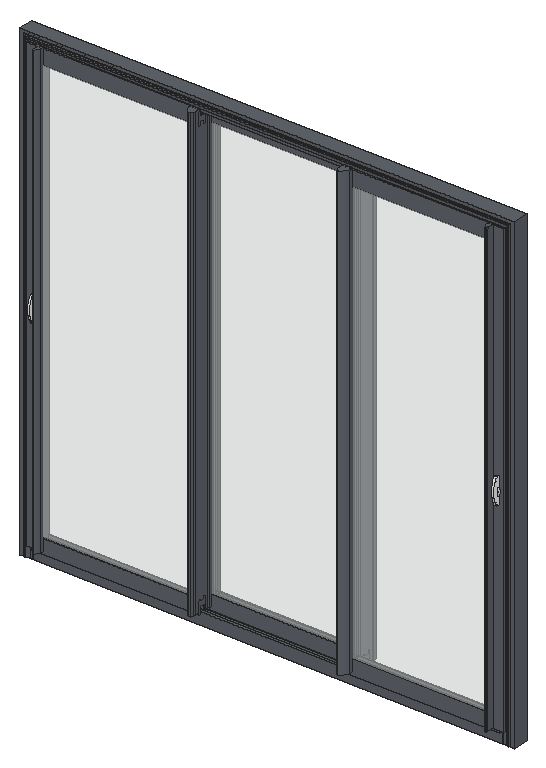
Revit family "Wicslide_65_Glass24_3_leaf_2_track_independent", category Doors, host Wall, Revit 2014 (continued)
Definition of nested family "Leaf_Wicslide_65_2_leaf_2_track_both_sliding_or_1_fixed_1slide"
  Definition of nested family "wicona_handle_2d"
    Lines and regions (mm)
      model lines, style "PIECES", in view "Ref. Level", detail levels fine
        curve 9: line (-5.814, -25, 0) -> (-6.068, -10.451, 0)
        curve 10: line (-6.068, -10.451, 0) -> (-6.221, -10.26, 0)
        curve 11: line (5.815, -24.927, 0) -> (6.068, -10.451, 0)
        curve 12: line (6.068, -10.451, 0) -> (6.221, -10.26, 0)
        curve 13: line (11.211, -7.242, 0) -> (10.341, -7.762, 0)
        curve 14: line (10.341, -7.762, 0) -> (9.463, -8.24, 0)
        curve 15: line (9.463, -8.24, 0) -> (8.565, -8.68, 0)
        curve 16: line (8.565, -8.68, 0) -> (7.649, -9.083, 0)
        curve 17: line (7.505, -9.142, 0) -> (7.006, -9.364, 0)
        curve 18: line (-13.393, -7.367, 0) -> (-13.886, -6.543, 0)
        curve 19: line (-13.886, -6.543, 0) -> (-14, 0, 0)
        curve 20: line (-14, 0, 0) -> (11.805, 0, 0)
        curve 21: line (11.805, 0, 0) -> (11.786, -1, 0)
        curve 22: line (11.786, -1, 0) -> (11.766, -2, 0)
        curve 23: line (11.766, -2, 0) -> (11.747, -2.999, 0)
        curve 24: line (11.747, -2.999, 0) -> (11.727, -3.999, 0)
        curve 25: line (11.727, -3.999, 0) -> (11.708, -4.999, 0)
        curve 26: line (11.708, -4.999, 0) -> (11.688, -5.999, 0)
        curve 27: line (11.688, -5.999, 0) -> (11.68, -6.413, 0)
        curve 28: line (12.793, -0.754, 0) -> (13.413, -1.137, 0)
        curve 29: line (13.413, -1.137, 0) -> (14.151, -1.812, 0)
        curve 30: line (14.151, -1.812, 0) -> (14.853, -2.523, 0)
        curve 31: line (14.853, -2.523, 0) -> (15.519, -3.269, 0)
        curve 32: line (15.519, -3.269, 0) -> (16.149, -4.046, 0)
        curve 33: line (16.149, -4.046, 0) -> (16.743, -4.851, 0)
        curve 34: line (16.743, -4.851, 0) -> (17.301, -5.68, 0)
        curve 35: line (17.301, -5.68, 0) -> (17.61, -6.174, 0)
        curve 36: line (12.052, -0.6, 0) -> (12.765, -0.743, 0)
        curve 37: line (17.643, -6.231, 0) -> (18.091, -7.125, 0)
        curve 38: line (18.091, -7.125, 0) -> (18.508, -8.034, 0)
        curve 39: line (18.508, -8.034, 0) -> (18.897, -8.955, 0)
        curve 40: line (18.897, -8.955, 0) -> (19.257, -9.888, 0)
        curve 41: line (19.257, -9.888, 0) -> (19.59, -10.831, 0)
        curve 42: line (19.59, -10.831, 0) -> (19.895, -11.783, 0)
        curve 43: line (19.895, -11.783, 0) -> (20.172, -12.744, 0)
        curve 44: line (20.172, -12.744, 0) -> (20.422, -13.712, 0)
        curve 45: line (20.422, -13.712, 0) -> (20.645, -14.687, 0)
        curve 46: line (20.645, -14.687, 0) -> (20.841, -15.667, 0)
        curve 47: line (20.841, -15.667, 0) -> (21.011, -16.653, 0)
        curve 48: line (21.011, -16.653, 0) -> (21.043, -16.863, 0)
        curve 49: line (21.043, -16.863, 0) -> (20.974, -17.852, 0)
        curve 50: line (20.974, -17.852, 0) -> (20.702, -18.43, 0)
        curve 51: line (20.702, -18.43, 0) -> (20.014, -19.149, 0)
        curve 52: line (20.014, -19.149, 0) -> (19.107, -19.554, 0)
        curve 53: line (19.107, -19.554, 0) -> (18.664, -19.6, 0)
        curve 54: line (18.664, -19.6, 0) -> (16.934, -19.6, 0)
        curve 55: line (16.934, -19.6, 0) -> (15.934, -19.6, 0)
        curve 56: line (15.934, -19.6, 0) -> (14.934, -19.6, 0)
        curve 57: line (14.934, -19.6, 0) -> (13.934, -19.6, 0)
        curve 58: line (13.934, -19.6, 0) -> (13.413, -19.6, 0)
        curve 59: line (13.413, -19.6, 0) -> (12.446, -19.377, 0)
        curve 60: line (12.446, -19.377, 0) -> (11.651, -18.781, 0)
        curve 61: line (11.651, -18.781, 0) -> (11.243, -18.216, 0)
        curve 62: line (11.243, -18.216, 0) -> (10.768, -17.336, 0)
        curve 63: line (10.768, -17.336, 0) -> (10.324, -16.441, 0)
        curve 64: line (10.324, -16.441, 0) -> (9.909, -15.531, 0)
        curve 65: line (9.909, -15.531, 0) -> (9.525, -14.608, 0)
        curve 66: line (9.525, -14.608, 0) -> (9.171, -13.672, 0)
        curve 67: line (9.162, -13.647, 0) -> (8.966, -12.67, 0)
        curve 68: line (8.963, -12.62, 0) -> (8.951, -12.312, 0)
        curve 69: arc (-5.814, -25, 0) -> (-5.429, -25.928, 0) -> (-4.501, -26.312, 0) r 1.312
        curve 70: arc (4.591, -26.312, 0) -> (5.454, -25.955, 0) -> (5.812, -25.091, 0) r 1.221
Definition of nested family "Leaf_Wicslide_65_Wicslide_65_3_leaf_2_track_independent_2_meet"
  Parameters (values of type "Leaf_Wicslide_65_Wicslide_65_3_leaf_2_track_independent_2_meet")
    Sash meeting 3041242 = yes
    Sash meeting 3041240 = no
    Sash meeting 3041241 = no
    Sash 1041263 = no
    Sash 1041260 = no
    Sash 1041261 = yes
    Sash 1041262 = no
    Handle Distance = if(Sash 1041260, 18 mm, if(Sash 1041261, 41 mm, if(Sash 1041262, 38 mm, 18 mm)))  # 41 mm
    Leaf Width = 896 mm
    Leaf Material = Aluminium
    Leaf Height = 1922 mm
    Handle Material = Aluminium
    Handle Height = 850 mm  # constant formula
    Glass Width = 24 mm
    Glass Offset 2 = 7 mm  # constant formula
    Glass Offset = 46.1 mm  # constant formula
    Glass Material = WICONA -  Glass
    Glas Offset Bottom = 46.6 mm
    Frame Material = Aluminium
    Frame Bottom = 4 mm
  Reference planes
    plane 1 "Center (Front/Back)": y = 0
    plane 2: z = 0
    plane 3 "Center (Left/Right)": x = 0
    plane 4: x = 896
    plane 5: z = 1922
    plane 6: x = 7
    plane 7: x = 889
    plane 8: z = 1875.4
    plane 9: z = 46.6
    plane 10: z = 896.6
    plane 11: x = 58.1
    plane 12: y = -12.117
    plane 13: y = 11.883
    plane 14: y = 7.334
    plane 15: y = 31.334
    plane 16: x = -3.312
    plane 17: x = 899.312
    plane 18: z = 46.6
    plane 19: y = -41
    plane 20: x = 20
    plane 21: z = 960.237
    plane 22: z = 1923.516
    plane 23: x = -1.516
    plane 24: y = -21.816
    plane 25: z = -5.306
    plane 26: z = 25
    plane 27: z = 4
  Forms (mm)
    Extrusion 1, solid, material "WICONA -  Glass" <- "Glass Material", detail levels medium+fine
      sketch origin (-214.248, -550.766, -473.088) x (1, 0, 0) y (0, 0, 1)
        loop
          line (221.248, 2348.488) -> (221.248, 519.688) -> (1103.248, 519.688) -> (1103.248, 2348.488) -> (221.248, 2348.488)
      from -562.649 to -538.649
    Sweep 2, solid, material "Aluminium" <- "Leaf Material"
      path origin (0, 0, 0) x (1, 0, 0) y (0, 0, 1)
        loop
          line (7.023, 0) -> (914.975, 0)
      profile origin (460.999, 0, 0) x (0, 0, 1) y (0, -1, 0)
        loop
          line (-5.306, -16.029) -> (58.694, -16.029) -> (58.694, -11.883) -> (46.634, -11.883) -> (46.634, 12.117) -> (58.694, 12.117) -> (58.694, 16.171) -> (-5.306, 16.171) -> (-5.306, 12.671) -> (25, 12.671) -> (25, -12.517) -> (-5.306, -12.517) -> (-5.306, -16.029)
    Sweep 3, solid, material "Aluminium" <- "Leaf Material", visible <- "Sash meeting 3041240"
      path origin (0, 0, 0) x (1, 0, 0) y (0, 0, 1)
        loop
          line (896, 1932.5) -> (896, 4)
      profile origin (896, 0, 968.25) x (0, -1, 0) y (1, 0, 0)
        loop
          line (-18, -19.026) -> (-11.883, -19.026) -> (-11.883, -7.023) -> (12.117, -7.023) -> (12.117, -19.026) -> (18, -19.026) -> (18, 18.975) -> (-27.453, 18.975) -> (-27.453, 0) -> (-18, 0) -> (-18, -19.026)
    Sweep 4, solid, material "Aluminium" <- "Leaf Material", visible <- "Sash meeting 3041242"
      path origin (0, 0, 0) x (1, 0, 0) y (0, 0, 1)
        loop
          line (0, 4) -> (0, 1932.5)
      profile origin (0, 0, 968.25) x (-1, 0, 0) y (0, -1, 0)
        loop
          line (18.975, -27.453) -> (18.975, 37.547) -> (17.979, 45.657) -> (14.994, 56.798) -> (13.135, 57.8) -> (7.45, 57.8)
          arc (7.45, 57.8) -> (-9.037, 45.04) -> (-19.026, 26.74) r 50.906
          line (-19.026, 26.74) -> (-19.026, 12.117) -> (-7.023, 12.117) -> (-7.023, -11.883) -> (-19.026, -11.883) -> (-19.026, -18) -> (0, -18) -> (0, -27.453) -> (18.975, -27.453)
    Sweep 5, solid, material "Aluminium" <- "Leaf Material", visible <- "Sash meeting 3041241"
      path origin (0, 0, 0) x (1, 0, 0) y (0, 0, 1)
        loop
          line (0, 4) -> (0, 1932.5)
      profile origin (0, 0, 968.25) x (-1, 0, 0) y (0, -1, 0)
        loop
          line (18.975, -27.453) -> (18.975, 52.8) -> (-19.026, 52.8) -> (-19.026, 12.117) -> (-7.023, 12.117) -> (-7.023, -11.883) -> (-19.026, -11.883) -> (-19.026, -18) -> (0, -18) -> (0, -27.453) -> (18.975, -27.453)
    Sweep 6, solid, material "Aluminium" <- "Leaf Material", visible <- "Sash meeting 3041240"
      path origin (0, 0, 0) x (1, 0, 0) y (0, 0, 1)
        loop
          line (0, 4) -> (0, 1932.5)
      profile origin (0, 0, 968.25) x (-1, 0, 0) y (0, -1, 0)
        loop
          line (18.975, -27.453) -> (18.975, 18) -> (-19.026, 18) -> (-19.026, 12.117) -> (-7.023, 12.117) -> (-7.023, -11.883) -> (-19.026, -11.883) -> (-19.026, -18) -> (0, -18) -> (0, -27.453) -> (18.975, -27.453)
    Sweep 7, solid, material "Aluminium" <- "Leaf Material", visible <- "Sash meeting 3041242"
      path origin (0, 0, 0) x (1, 0, 0) y (0, 0, 1)
        loop
          line (896, 4) -> (896, 1932.5)
      profile origin (896, 0, 968.25) x (-1, 0, 0) y (0, -1, 0)
        loop
          line (19.026, -18) -> (19.026, -11.883) -> (7, -11.883) -> (7, 12.117) -> (19.026, 12.117) -> (19.026, 26.74)
          arc (19.026, 26.74) -> (9.037, 45.04) -> (-7.45, 57.8) r 50.906
          line (-7.45, 57.8) -> (-13.135, 57.8) -> (-14.994, 56.798) -> (-17.979, 45.657) -> (-18.975, 37.547) -> (-18.975, -27.453) -> (0, -27.453) -> (0, -18) -> (19.026, -18)
    Sweep 8, solid, material "Aluminium" <- "Leaf Material", visible <- "Sash meeting 3041241"
      path origin (0, 0, 0) x (1, 0, 0) y (0, 0, 1)
        loop
          line (896, 4) -> (896, 1932.5)
      profile origin (896, 0, 968.25) x (-1, 0, 0) y (0, -1, 0)
        loop
          line (0, -18) -> (19.026, -18) -> (19.026, -11.883) -> (7.023, -11.883) -> (7.023, 12.117) -> (19.026, 12.117) -> (19.026, 52.8) -> (-18.975, 52.8) -> (-18.975, -27.453) -> (0, -27.453) -> (0, -18)
    Sweep 9, solid, material "Aluminium" <- "Leaf Material"
      path origin (0, 0, 0) x (1, 0, 0) y (0, 0, 1)
        loop
          line (12.05, 1922) -> (914.975, 1922)
      profile origin (463.512, 0, 1922) x (0, 0, 1) y (0, -1, 0)
        loop
          line (10.5, 16.029) -> (-57.541, 16.029) -> (-57.541, 12.037) -> (-41.44, 12.037) -> (-41.44, -11.963) -> (-57.541, -11.963) -> (-57.541, -16.171) -> (10.5, -16.171) -> (10.5, -12.671) -> (-19.5, -12.671) -> (-19.5, 12.529) -> (10.5, 12.529) -> (10.5, 16.029)
    Extrusion 10, void
      sketch origin (0, 0, 0) x (1, 0, 0) y (0, 1, 0)
        loop
          line (920.976, 11.883) -> (889, 11.883) -> (889, -12.117) -> (920.976, -12.117) -> (920.976, 11.883)
      from -5.306 to 25
  Cuts and joins
    Extrusion 10 cuts Extrusion 1
    Extrusion 10 cuts Sweep 2
    Extrusion 10 cuts Sweep 3
    Extrusion 10 cuts Sweep 7
    Extrusion 10 cuts Sweep 8
  Lines and regions (mm)
    symbolic lines, style "GenericModel", detail levels medium+fine
      curve 1: line (62.7, 0, 0) -> (874, 0, 0)
      curve 2: line (0, 11.883, 1875.4) -> (0, 11.883, 46.6)
      curve 3: line (0, -12.117, 1875.4) -> (0, -12.117, 46.6)
      curve 4: line (0, 0, 1875.4) -> (0, 0, 46.6)
      curve 5: line (7, 0, 0) -> (889, 0, 0)
  Dimensions and locks
    "Leaf Width": plane 3 "Center (Left/Right)" to plane 4
    "Leaf Height": plane 5 to level
    "Glass Offset 2": plane 3 "Center (Left/Right)" to plane 6
    "Glass Offset 2": plane 7 to plane 4
    "Glas Offset Bottom": plane 5 to plane 8
    level to plane 10 = 896.6 mm
    "Glass Width": plane 15 to plane 14
    "Handle Height": plane 10 to plane 9
    "Glas Offset Bottom": plane 9 to level
    locked: plane 3 "Center (Left/Right)" to plane 16 at 3.312
    locked: plane 17 to plane 4 at 3.312
    locked: plane 3 "Center (Left/Right)" to plane 20 at 20
    "Handle Distance": plane 19 to plane 1 "Center (Front/Back)"
    plane 21 to level = 960.237 mm
    plane 24 to plane 1 "Center (Front/Back)" = 21.816 mm
    plane 26 to level to plane 25 = 25 mm locked, 5.306 mm locked
    "Frame Bottom": plane 27 to level
    aligned and locked: level to plane 2
    aligned and locked: plane 6 to nested 1
    aligned and locked: plane 7 to nested 1
    aligned and locked: plane 12 to nested 1
    aligned and locked: nested 2 to plane 8
    aligned and locked: nested 2 to plane 9
    aligned and locked: plane 12 to nested 2
    aligned and locked: plane 6 to curve 5
    aligned and locked: plane 7 to curve 5
    aligned and locked: plane 9 to plane 18
    aligned and locked: plane 4 to nested 3
    aligned and locked: nested 3 to plane 1 "Center (Front/Back)"
    aligned and locked: nested 4 to level
    aligned and locked: nested 4 to plane 1 "Center (Front/Back)"
    aligned and locked: plane 4 to nested 5
    aligned and locked: plane 4 to nested 6
    aligned and locked: nested 5 to plane 1 "Center (Front/Back)"
    aligned and locked: nested 6 to plane 1 "Center (Front/Back)"
    aligned and locked: Extrusion 1 to plane 6
    aligned and locked: plane 7 to Extrusion 1
    aligned and locked: plane 8 to Extrusion 1
    aligned and locked: Extrusion 1 to plane 9
    aligned and locked: Extrusion 1 to plane 13
    aligned and locked: plane 12 to Extrusion 1
    aligned and locked: Sweep 3 to Sweep 2 sketch curve
    aligned and locked: plane 5 to nested 7
    aligned and locked: plane 1 "Center (Front/Back)" to nested 7
    aligned and locked: Sweep 9 to Sweep 3 sketch curve
    aligned and locked: Sweep 9 to Sweep 8 sketch curve
    aligned and locked: Sweep 9 to Sweep 7 sketch curve
    aligned and locked: Sweep 9 to Sweep 6 sketch curve
    aligned and locked: Sweep 9 to Sweep 5 sketch curve
    aligned and locked: Sweep 9 to Sweep 4 sketch curve
    aligned and locked: plane 3 "Center (Left/Right)" to nested 9
    aligned and locked: plane 1 "Center (Front/Back)" to nested 9
    aligned and locked: plane 3 "Center (Left/Right)" to nested 10
    aligned and locked: plane 1 "Center (Front/Back)" to nested 10
    aligned and locked: plane 3 "Center (Left/Right)" to nested 8
    aligned and locked: plane 1 "Center (Front/Back)" to nested 8
    aligned and locked: Sweep 2 sketch curve to Sweep 6
    aligned and locked: cut or joined group of Sweep 8, Extrusion 10 to plane 7
    aligned and locked: plane 26 to cut or joined group of Sweep 2, Extrusion 10
    aligned and locked: plane 25 to cut or joined group of Sweep 2, Extrusion 10
    aligned and locked: cut or joined group of Sweep 8, Extrusion 10 to plane 25
    aligned and locked: plane 26 to cut or joined group of Sweep 8, Extrusion 10
    aligned and locked: plane 27 to Sweep 8 sketch curve
    aligned and locked: plane 27 to Sweep 7 sketch curve
    aligned and locked: plane 27 to Sweep 3 sketch curve
    aligned and locked: plane 27 to Sweep 4 sketch curve
    aligned and locked: plane 27 to Sweep 5 sketch curve
    aligned and locked: plane 27 to Sweep 6 sketch curve
  Automatic sketch dimensions
    plane 6 to Extrusion 1 sketch curve = 0 mm
    Extrusion 1 sketch curve to plane 7 = 0 mm
    plane 9 to Extrusion 1 sketch curve = 0 mm
    Extrusion 1 sketch curve to plane 8 = 0 mm
    plane 1 "Center (Front/Back)" to curve 1 = 0 mm
    curve 1 to plane 7 = 15 mm
    curve 1 to plane 11 = 4.6 mm
    Sweep 3 sketch curve to plane 4 = 0 mm
    curve 3 to plane 12 = 0 mm
    curve 2 to plane 13 = 0 mm
    curve 4 to plane 1 "Center (Front/Back)" = 0 mm
    curve 4 to plane 8 = 0 mm
    curve 3 to plane 8 = 0 mm
    curve 2 to plane 8 = 0 mm
    curve 4 to plane 9 = 0 mm
    curve 3 to plane 9 = 0 mm
    curve 2 to plane 9 = 0 mm
    plane 1 "Center (Front/Back)" to curve 5 = 0 mm
    profile plane to Sweep 2 sketch curve = 5.306 mm  (x2)
    Sweep 2 sketch curve to plane 18 = 21.6 mm
    plane 18 to Sweep 2 sketch curve = 0.034 mm
    plane 18 to Sweep 2 sketch curve = 12.094 mm
    Sweep 2 sketch curve to Sweep 2 sketch curve = 12.06 mm
    Sweep 2 sketch curve to plane 1 "Center (Front/Back)" = 16.029 mm
    Sweep 2 sketch curve to Sweep 2 sketch curve = 3.512 mm
    Sweep 2 sketch curve to plane 1 "Center (Front/Back)" = 11.883 mm
    plane 1 "Center (Front/Back)" to Sweep 2 sketch curve = 12.117 mm
    plane 1 "Center (Front/Back)" to Sweep 2 sketch curve = 12.671 mm
    Sweep 2 sketch curve to Sweep 2 sketch curve = 4.054 mm
    Sweep 4 sketch curve to plane 3 "Center (Left/Right)" = 0 mm
    Sweep 5 sketch curve to plane 3 "Center (Left/Right)" = 0 mm
    Sweep 3 sketch curve to profile plane = 0 mm
    Sweep 3 sketch curve to plane 1 "Center (Front/Back)" = 27.453 mm
    Sweep 3 sketch curve to plane 1 "Center (Front/Back)" = 18 mm
    Sweep 3 sketch curve to Sweep 3 sketch curve = 6.117 mm
    plane 1 "Center (Front/Back)" to Sweep 3 sketch curve = 12.117 mm
    Sweep 3 sketch curve to Sweep 3 sketch curve = 5.883 mm
    profile plane to Sweep 3 sketch curve = 7.023 mm
    Sweep 3 sketch curve to Sweep 3 sketch curve = 12.003 mm  (x2)
    Sweep 3 sketch curve to profile plane = 18.975 mm
    Sweep 7 sketch curve to plane 4 = 0 mm
    Sweep 7 sketch curve to profile plane = 0 mm
    profile plane to Sweep 7 sketch curve = 7.45 mm
    Sweep 7 sketch curve to Sweep 7 sketch curve = 10.529 mm
    Sweep 7 sketch curve to Sweep 7 sketch curve = 0.996 mm
    plane 1 "Center (Front/Back)" to Sweep 7 sketch curve = 12.015 mm
    Sweep 7 sketch curve to Sweep 7 sketch curve = 10.729 mm
    Sweep 7 sketch curve to profile plane = 7 mm
    Sweep 7 sketch curve to Sweep 7 sketch curve = 12.026 mm  (x2)
    Sweep 7 sketch curve to plane 1 "Center (Front/Back)" = 11.883 mm
    Sweep 7 sketch curve to Sweep 7 sketch curve = 6.117 mm
    Sweep 7 sketch curve to Sweep 7 sketch curve = 9.453 mm
    plane 1 "Center (Front/Back)" to Sweep 7 sketch curve = 12.117 mm
    Sweep 7 sketch curve to Sweep 7 sketch curve = 14.623 mm
    Sweep 7 sketch curve to Sweep 7 sketch curve = 20.253 mm
    Sweep 7 sketch curve to Sweep 7 sketch curve = 8.11 mm
    Sweep 7 sketch curve to Sweep 7 sketch curve = 5.685 mm
    Sweep 7 sketch curve to Sweep 7 sketch curve = 1.859 mm
    Sweep 7 sketch curve to Sweep 7 sketch curve = 1.002 mm
    Sweep 8 sketch curve to plane 4 = 0 mm
    Sweep 8 sketch curve to profile plane = 0 mm
    profile plane to Sweep 8 sketch curve = 18.975 mm
    Sweep 8 sketch curve to profile plane = 7.023 mm
    Sweep 8 sketch curve to profile plane = 19.026 mm
    Sweep 8 sketch curve to Sweep 8 sketch curve = 12.003 mm
    Sweep 8 sketch curve to plane 1 "Center (Front/Back)" = 27.453 mm
    Sweep 8 sketch curve to plane 1 "Center (Front/Back)" = 11.883 mm
    plane 1 "Center (Front/Back)" to Sweep 8 sketch curve = 12.117 mm
    Sweep 8 sketch curve to Sweep 8 sketch curve = 40.683 mm
    Sweep 8 sketch curve to Sweep 8 sketch curve = 6.117 mm
    Sweep 6 sketch curve to plane 3 "Center (Left/Right)" = 0 mm
    Sweep 2 sketch curve to level = 0 mm
    Sweep 9 sketch curve to plane 5 = 0 mm
    plane 16 to Sweep 9 sketch curve = 15.362 mm
    plane 17 to Sweep 9 sketch curve = 15.663 mm
    Sweep 9 sketch curve to plane 1 "Center (Front/Back)" = 16.171 mm
    profile plane to Sweep 9 sketch curve = 57.541 mm
    Sweep 9 sketch curve to Sweep 9 sketch curve = 0 mm
    Sweep 9 sketch curve to Sweep 9 sketch curve = 16.102 mm
    profile plane to Sweep 9 sketch curve = 19.5 mm
    Sweep 9 sketch curve to profile plane = 10.5 mm  (x2)
    Sweep 9 sketch curve to plane 1 "Center (Front/Back)" = 12.671 mm
    Sweep 9 sketch curve to Sweep 9 sketch curve = 4.208 mm
    plane 1 "Center (Front/Back)" to Sweep 9 sketch curve = 12.037 mm
    plane 1 "Center (Front/Back)" to Sweep 9 sketch curve = 12.529 mm
    Sweep 9 sketch curve to Sweep 9 sketch curve = 3.5 mm
    Sweep 6 sketch curve to profile plane = 0 mm
    profile plane to Sweep 6 sketch curve = 7.023 mm
    Sweep 6 sketch curve to Sweep 6 sketch curve = 12.003 mm  (x2)
    Sweep 6 sketch curve to plane 1 "Center (Front/Back)" = 27.453 mm
    Sweep 6 sketch curve to plane 1 "Center (Front/Back)" = 18 mm
    Sweep 6 sketch curve to Sweep 6 sketch curve = 6.117 mm
    plane 1 "Center (Front/Back)" to Sweep 6 sketch curve = 12.117 mm
    Sweep 6 sketch curve to Sweep 6 sketch curve = 5.883 mm
    Sweep 6 sketch curve to Sweep 6 sketch curve = 18.975 mm
    Sweep 5 sketch curve to profile plane = 0 mm
    profile plane to Sweep 5 sketch curve = 7.023 mm
    Sweep 5 sketch curve to Sweep 5 sketch curve = 12.003 mm
    profile plane to Sweep 5 sketch curve = 19.026 mm
    Sweep 5 sketch curve to plane 1 "Center (Front/Back)" = 27.453 mm
    Sweep 5 sketch curve to plane 1 "Center (Front/Back)" = 18 mm
    Sweep 5 sketch curve to Sweep 5 sketch curve = 6.117 mm
    plane 1 "Center (Front/Back)" to Sweep 5 sketch curve = 12.117 mm
    Sweep 5 sketch curve to Sweep 5 sketch curve = 40.683 mm
    Sweep 5 sketch curve to profile plane = 18.975 mm
    Sweep 4 sketch curve to profile plane = 0 mm
    profile plane to Sweep 4 sketch curve = 7.023 mm
    Sweep 4 sketch curve to Sweep 4 sketch curve = 12.003 mm  (x2)
    Sweep 4 sketch curve to profile plane = 13.135 mm
    Sweep 4 sketch curve to Sweep 4 sketch curve = 1.859 mm
    Sweep 4 sketch curve to Sweep 4 sketch curve = 2.985 mm
    Sweep 4 sketch curve to Sweep 4 sketch curve = 0.996 mm
    plane 1 "Center (Front/Back)" to Sweep 4 sketch curve = 12.015 mm
    Sweep 4 sketch curve to Sweep 4 sketch curve = 10.729 mm
    Sweep 4 sketch curve to plane 1 "Center (Front/Back)" = 11.883 mm
    Sweep 4 sketch curve to Sweep 4 sketch curve = 6.117 mm
    Sweep 4 sketch curve to Sweep 4 sketch curve = 9.453 mm
    plane 1 "Center (Front/Back)" to Sweep 4 sketch curve = 12.117 mm
    Sweep 4 sketch curve to Sweep 4 sketch curve = 8.11 mm
    Sweep 4 sketch curve to Sweep 4 sketch curve = 11.141 mm
    Sweep 4 sketch curve to Sweep 4 sketch curve = 1.002 mm
    Sweep 4 sketch curve to Sweep 4 sketch curve = 5.685 mm
    Sweep 4 sketch curve to Sweep 4 sketch curve = 14.623 mm
    plane 7 to Extrusion 10 sketch curve = 0 mm
    plane 12 to Extrusion 10 sketch curve = 0 mm
    plane 13 to Extrusion 10 sketch curve = 0 mm
    plane 17 to Extrusion 10 sketch curve = 21.664 mm
  Nested families
    nested 1: "window_2_pieces_glass_line" at (7, -12.117, 0), type "T24"
      with built-in parameter 1001306 2.8937 (stored number, unit not read)
    nested 2: "window_2_pieces_glass_line" at (0, -12.117, 1875.4) x (0, 0, -1) z (1, 0, 0), type "T24"
      with built-in parameter 1001306 6 (stored number, unit not read)
    nested 3: "Sash meeting 3041240" at (896, 18, 0), visible <- "Sash meeting 3041240", type "Sash meeting 3041240"
    nested 4: "Sash_horizontal_1041264" at (0, 0, 0) x (0, 1, 0) z (1, 0, 0), type "Sash_horizontal_1041264"
    nested 5: "Sash meeting_3041241" at (896, 18, 0), visible <- "Sash meeting 3041241", type "Sash meeting_3041241"
    nested 6: "Sash meeting_3041242" at (896, 18, 0), visible <- "Sash meeting 3041242", type "Sash meeting_3041242"
    nested 7: "Sash_horizontal_1041264" at (0, 0, 1927.194) x (0, -1, 0) z (1, 0, 0), type "Sash_horizontal_1041264"
    nested 8: "Sash meeting_3041242" at (0, 18, 0) x (-1, 0, 0) z (0, 0, 1), visible <- "Sash meeting 3041242", type "Sash meeting_3041242"
    nested 9: "Sash meeting 3041240" at (0, 18, 0) x (-1, 0, 0) z (0, 0, 1), visible <- "Sash meeting 3041240", type "Sash meeting 3041240"
    nested 10: "Sash meeting_3041241" at (0, 18, 0) x (-1, 0, 0) z (0, 0, 1), visible <- "Sash meeting 3041241", type "Sash meeting_3041241"
  Definition of nested family "window_2_pieces_glass_line"
    Parameters (values of type "T24")
      v1 = 5 mm
      line = 10 mm
      built-in parameter 1001306 [instance] = 1200 mm
      Glass Thickness = 24 mm
    Reference planes
      plane 1 "Center (Front/Back)": y = 0
      plane 2: z = 0
      plane 3 "Left": x = 0
      plane 4 "Right": x = 1200
      plane 5: y = 24
      plane 6: y = 5
      plane 7: y = 19
      plane 8: x = 10
      plane 9: x = 1190
    Lines and regions (mm)
      reference lines, in view "Ref. Level"
        curve 1: line (0, 0, 0) -> (1200, 0, 0)
      detail lines, in view "Ref. Level", detail levels medium+fine
        curve 2: line (0, 24, 0) -> (1200, 24, 0)
        curve 3: line (0, 0, 0) -> (1200, 0, 0)
      detail lines, in view "Ref. Level", detail levels fine
        curve 4: line (0, 19, 0) -> (1200, 19, 0)
        curve 5: line (0, 5, 0) -> (1200, 5, 0)
      model lines, style "DetailComponents", in view "Ref. Level", detail levels fine
        curve 6: line (10, 19, 0) -> (10, 5, 0)
      detail lines, style "DetailComponents", in view "Ref. Level", detail levels fine
        curve 7: line (1190, 19, 0) -> (1190, 5, 0)
      model lines, style "DetailComponents", in view "Ref. Level", detail levels medium+fine
        curve 8: line (1200, 24, 0) -> (1200, 0, 0)
      detail lines, style "DetailComponents", in view "Ref. Level", detail levels medium+fine
        curve 9: line (0, 24, 0) -> (0, 0, 0)
    Dimensions and locks
      "built-in parameter 1001306": plane 3 "Left" to plane 4 "Right"
      "Glass Thickness": plane 5 to plane 1 "Center (Front/Back)"
      plane 5 to plane 1 "Center (Front/Back)" = 24 mm
      "v1": plane 5 to plane 7
      "v1": plane 6 to plane 1 "Center (Front/Back)"
      "line": plane 3 "Left" to plane 8
      "line": plane 9 to plane 4 "Right"
      aligned and locked: plane 1 "Center (Front/Back)" to curve 1
      aligned and locked: plane 3 "Left" to curve 1
      aligned and locked: plane 4 "Right" to curve 1
      aligned and locked: plane 5 to curve 2
      aligned and locked: plane 7 to curve 4
      aligned and locked: plane 6 to curve 5
      aligned and locked: curve 5 to curve 6
      aligned and locked: curve 6 to plane 8
      aligned and locked: curve 5 to curve 7
      aligned and locked: curve 7 to plane 9
      aligned and locked: plane 1 "Center (Front/Back)" to curve 9
      aligned and locked: curve 9 to plane 3 "Left"
      aligned and locked: curve 2 to curve 8
      aligned and locked: curve 3 to curve 8
      aligned and locked: curve 8 to plane 4 "Right"
      aligned and locked: curve 4 to curve 7
      aligned and locked: curve 4 to curve 6
    Automatic sketch dimensions
      curve 5 to plane 4 "Right" = 0 mm
      curve 4 to plane 4 "Right" = 0 mm
      curve 3 to plane 4 "Right" = 0 mm
      curve 2 to plane 4 "Right" = 0 mm
  Definition of nested family "Sash meeting 3041240"
    Reference planes
      plane 1 "Center (Front/Back)": y = 0
      plane 2: z = 0
      plane 3 "Center (Left/Right)": x = 0
      plane 4: y = -36
      plane 5: y = -18
      plane 6: x = 18.975
    Lines and regions (mm)
      Filled region 1, type "Concrete", in view "Ref. Level", detail levels medium
        outline origin (18.997, 3.58, 0) x (1, 0, 0) y (0, 1, 0)
          loop
            line (-0.022, -39.58) -> (-0.022, 5.873) -> (-18.997, 5.873) -> (-18.997, -3.58) -> (-38.023, -3.58) -> (-38.023, -9.697) -> (-26.02, -9.697) -> (-26.02, -33.697) -> (-38.023, -33.697) -> (-38.023, -39.58) -> (-0.022, -39.58)
      detail lines, style "GLAS", in view "Ref. Level", detail levels fine
        curve 1: line (-47.023, -6.117, 0) -> (-7.023, -6.117, 0)
        curve 2: line (-7.023, -6.117, 0) -> (-7.023, -30.117, 0)
        curve 3: line (-7.023, -30.117, 0) -> (-47.023, -30.117, 0)
  Definition of nested family "Sash_horizontal_1041264"
    Reference planes
      plane 1 "Center (Front/Back)": y = 0
      plane 2: z = 0
      plane 3 "Center (Left/Right)": x = 0
    Lines and regions (mm)
      Filled region 1, type "Concrete", in view "Ref. Level", detail levels medium
        outline origin (18.997, 3.58, 0) x (1, 0, 0) y (0, 1, 0)
          loop
            line (-35.168, -8.845) -> (-2.968, -8.845) -> (-2.968, 59.155) -> (-6.959, 59.155) -> (-6.959, 43.054) -> (-30.959, 43.054) -> (-30.959, 59.155) -> (-35.168, 59.155) -> (-35.168, -8.845)
      detail lines, style "GLAS", in view "Ref. Level", detail levels fine
        curve 1: line (-11.963, 46.634, 0) -> (-11.963, 86.634, 0)
        curve 2: line (12.037, 86.634, 0) -> (12.037, 46.634, 0)
        curve 26: line (-11.963, 86.634, 0) -> (-11.963, 46.634, 0)
        curve 27: line (-11.963, 46.634, 0) -> (12.037, 46.634, 0)
        curve 28: line (12.037, 46.634, 0) -> (12.037, 86.634, 0)
      detail lines, style "CENT3", in view "Ref. Level", not visible
        curve 3: line (123.517, -4.599, 0) -> (123.517, -38.599, 0)
      detail lines, style "GLAS", in view "Ref. Level", not visible
        curve 4: line (83.517, -9.599, 0) -> (123.517, -9.599, 0)
        curve 5: line (123.517, -9.599, 0) -> (123.517, -14.599, 0)
        curve 6: line (123.517, -14.599, 0) -> (83.517, -14.599, 0)
        curve 7: line (83.517, -14.599, 0) -> (83.517, -9.599, 0)
        curve 8: line (83.517, -28.599, 0) -> (123.517, -28.599, 0)
        curve 9: line (123.517, -28.599, 0) -> (123.517, -33.599, 0)
        curve 10: line (123.517, -33.599, 0) -> (83.517, -33.599, 0)
        curve 11: line (83.517, -33.599, 0) -> (83.517, -28.599, 0)
        curve 12: line (83.517, -10.599, 0) -> (123.517, -10.599, 0)
        curve 13: line (83.517, -11.599, 0) -> (123.517, -11.599, 0)
        curve 14: line (83.517, -12.599, 0) -> (123.517, -12.599, 0)
        curve 15: line (83.517, -13.599, 0) -> (123.517, -13.599, 0)
        curve 16: line (83.517, -14.599, 0) -> (123.517, -14.599, 0)
        curve 17: line (93.517, -14.599, 0) -> (93.517, -28.599, 0)
        curve 18: line (83.517, -28.599, 0) -> (123.517, -28.599, 0)
        curve 19: line (83.517, -29.599, 0) -> (123.517, -29.599, 0)
        curve 20: line (83.517, -30.599, 0) -> (123.517, -30.599, 0)
        curve 21: line (83.517, -31.599, 0) -> (123.517, -31.599, 0)
        curve 22: line (83.517, -32.599, 0) -> (123.517, -32.599, 0)
        curve 23: line (123.517, -9.599, 0) -> (83.517, -9.599, 0)
        curve 24: line (83.517, -9.599, 0) -> (83.517, -33.599, 0)
        curve 25: line (83.517, -33.599, 0) -> (123.517, -33.599, 0)
      detail lines, style "GLAS", in view "Ref. Level", not visible, detail levels fine
        curve 29: line (56.036, -6.117, 0) -> (96.036, -6.117, 0)
        curve 30: line (96.036, -30.117, 0) -> (56.036, -30.117, 0)
        curve 31: line (96.036, -6.117, 0) -> (56.036, -6.117, 0)
        curve 32: line (56.036, -6.117, 0) -> (56.036, -30.117, 0)
        curve 33: line (56.036, -30.117, 0) -> (96.036, -30.117, 0)
  Definition of nested family "Sash meeting_3041241"
    Reference planes
      plane 1 "Center (Front/Back)": y = 0
      plane 2: z = 0
      plane 3 "Center (Left/Right)": x = 0
      plane 4: y = -36
      plane 5: y = -18
      plane 6: x = 18.975
    Lines and regions (mm)
      Filled region 1, type "Concrete", in view "Ref. Level", detail levels medium
        outline origin (18.997, 3.58, 0) x (1, 0, 0) y (0, 1, 0)
          loop
            line (-0.022, -74.38) -> (-0.022, 5.873) -> (-18.997, 5.873) -> (-18.997, -3.58) -> (-38.023, -3.58) -> (-38.023, -9.697) -> (-26.02, -9.697) -> (-26.02, -33.697) -> (-38.023, -33.697) -> (-38.023, -74.38) -> (-0.022, -74.38)
      detail lines, style "GLAS", in view "Ref. Level", detail levels fine
        curve 1: line (-47.023, -6.117, 0) -> (-7.023, -6.117, 0)
        curve 2: line (-7.023, -6.117, 0) -> (-7.023, -30.117, 0)
        curve 3: line (-7.023, -30.117, 0) -> (-47.023, -30.117, 0)
  Definition of nested family "Sash meeting_3041242"
    Reference planes
      plane 1 "Center (Front/Back)": y = 0
      plane 2: z = 0
      plane 3 "Center (Left/Right)": x = 0
      plane 4: y = -36
      plane 5: y = -18
      plane 6: x = 18.975
    Lines and regions (mm)
      Filled region 1, type "Concrete", in view "Ref. Level", detail levels medium
        outline origin (18.997, 3.58, 0) x (1, 0, 0) y (0, 1, 0)
          loop
            line (-0.022, -59.127) -> (-0.022, 5.873) -> (-18.997, 5.873) -> (-18.997, -3.58) -> (-38.023, -3.58) -> (-38.023, -9.697) -> (-26.02, -9.697) -> (-26.02, -33.697) -> (-38.023, -33.697) -> (-38.023, -48.32)
            arc (-38.023, -48.32) -> (-28.034, -66.62) -> (-11.546, -79.38) r 50.906
            line (-11.546, -79.38) -> (-5.862, -79.38) -> (-4.003, -78.378) -> (-1.018, -67.237) -> (-0.022, -59.127)
      detail lines, style "GLAS", in view "Ref. Level", detail levels fine
        curve 1: line (-47.023, -6.117, 0) -> (-7.023, -6.117, 0)
        curve 2: line (-7.023, -6.117, 0) -> (-7.023, -30.117, 0)
        curve 3: line (-7.023, -30.117, 0) -> (-47.023, -30.117, 0)
Definition of nested family "Leaf_Wicslide_65_2_leaf_2_track_both_sliding_or_1_fixed_1slide_duble"
  Parameters (values of type "Leaf_Wicslide_65_2_leaf_2_track_both_sliding_or_1_fixed_1slide_duble")
    Sash meeting 3041242 = yes
    Sash meeting 3041240 = no
    Sash meeting 3041241 = no
    Sash 1041263 = no
    Sash 1041260 = no
    Sash 1041261 = yes
    Sash 1041262 = no
    Profil Bottom = 4 mm
    Handle Distance = if(Sash 1041260, 18 mm, if(Sash 1041261, 41 mm, if(Sash 1041262, 38 mm, 18 mm)))  # 41 mm
    Leaf Width = 896 mm
    Leaf Material = Aluminium
    Leaf Height = 1922 mm
    Handle Material = Aluminium
    Handle Height = 850 mm  # constant formula
    Glass Width = 24 mm
    Glass Offset 2 = 7 mm  # constant formula
    Glass Offset = 46.1 mm  # constant formula
    Glass Material = WICONA -  Glass
    Glas Offset Bottom = 46.6 mm
    Frame Material = Aluminium
  Reference planes
    plane 1 "Center (Front/Back)": y = 0
    plane 2: z = 0
    plane 3 "Center (Left/Right)": x = 0
    plane 4: x = 896
    plane 5: z = 1922
    plane 6: x = 46.1
    plane 7: x = 889
    plane 8: z = 1875.4
    plane 9: z = 46.6
    plane 10: z = 896.6
    plane 11: x = 58.1
    plane 12: y = -12.117
    plane 13: y = 11.883
    plane 14: y = 7.334
    plane 15: y = 31.334
    plane 16: x = -3.312
    plane 17: x = 899.312
    plane 18: z = 46.6
    plane 19: y = -41
    plane 20: x = 20
    plane 21: z = 960.237
    plane 22: z = 1923.516
    plane 23: x = -1.516
    plane 24: y = -21.816
    plane 25: z = 25
    plane 26: z = -5.306
    plane 27: z = 4
  Forms (mm)
    Sweep 1, solid, material "Aluminium" <- "Leaf Material", visible <- "Sash 1041260"
      path origin (-1.381, 0, 34.551) x (1, 0, 0) y (0, 0, 1)
        loop
          line (0, -39.551) -> (0, 1897.949)
      profile origin (-1.381, 0, 963.75) x (-1, 0, 0) y (0, -1, 0)
        loop
          line (-59.481, -18) -> (8.519, -18) -> (8.519, -12.517) -> (-13.431, -12.517) -> (-13.431, 12.671) -> (8.519, 12.671) -> (8.519, 18) -> (-59.395, 18) -> (-59.395, 12.117) -> (-47.481, 12.117) -> (-47.481, -11.883) -> (-59.481, -11.883) -> (-59.481, -18)
    Extrusion 2, solid, material "WICONA -  Glass" <- "Glass Material", detail levels medium+fine
      sketch origin (-214.248, -550.766, -473.088) x (1, 0, 0) y (0, 0, 1)
        loop
          line (260.348, 2348.488) -> (260.348, 519.688) -> (1103.248, 519.688) -> (1103.248, 2348.488) -> (260.348, 2348.488)
      from -562.649 to -538.649
    Sweep 3, solid, material "Aluminium" <- "Leaf Material"
      path origin (0, 0, 0) x (1, 0, 0) y (0, 0, 1)
        loop
          line (12.05, 0) -> (914.975, 0)
      profile origin (463.512, 0, 0) x (0, 0, 1) y (0, -1, 0)
        loop
          line (-5.306, -16.029) -> (58.694, -16.029) -> (58.694, -11.883) -> (46.634, -11.883) -> (46.634, 12.117) -> (58.694, 12.117) -> (58.694, 16.171) -> (-5.306, 16.171) -> (-5.306, 12.671) -> (25, 12.671) -> (25, -12.517) -> (-5.306, -12.517) -> (-5.306, -16.029)
    Sweep 4, solid, material "Aluminium" <- "Leaf Material", visible <- "Sash meeting 3041240"
      path origin (0, 0, 0) x (1, 0, 0) y (0, 0, 1)
        loop
          line (896, 1932.5) -> (896, 4)
      profile origin (896, 0, 968.25) x (0, -1, 0) y (1, 0, 0)
        loop
          line (-18, -19.026) -> (-11.883, -19.026) -> (-11.883, -7.023) -> (12.117, -7.023) -> (12.117, -19.026) -> (18, -19.026) -> (18, 18.975) -> (-27.453, 18.975) -> (-27.453, 0) -> (-18, 0) -> (-18, -19.026)
    Sweep 5, solid, material "Aluminium" <- "Leaf Material", visible <- "Sash 1041263"
      path origin (0, 0, 0) x (1, 0, 0) y (0, 0, 1)
        loop
          line (0, 4) -> (0, 1932.5)
      profile origin (0, 0, 968.25) x (-1, 0, 0) y (0, -1, 0)
        loop
          line (9.9, -18) -> (9.9, -12.517) -> (-12.05, -12.517) -> (-12.05, 12.671) -> (9.9, 12.671) -> (9.9, 18) -> (-41.1, 18) -> (-41.1, 43) -> (-42.787, 50.915) -> (-43.872, 52) -> (-47.182, 52)
          arc (-47.182, 52) -> (-54.565, 40.341) -> (-58.1, 27) r 45.352
          line (-58.1, 27) -> (-58.1, -18) -> (9.9, -18)
    Sweep 6, solid, material "Aluminium" <- "Leaf Material", visible <- "Sash 1041262"
      path origin (0, 0, 0) x (1, 0, 0) y (0, 0, 1)
        loop
          line (0, 4) -> (0, 1932.5)
      profile origin (0, 0, 968.25) x (-1, 0, 0) y (0, -1, 0)
        loop
          line (-58.1, -18) -> (9.9, -18) -> (9.9, -12.517) -> (-12.05, -12.517) -> (-12.05, 12.671) -> (9.9, 12.671) -> (9.9, 18) -> (-6.1, 18) -> (-6.1, 38) -> (-58.1, 38) -> (-58.1, 12.117) -> (-46.1, 12.117) -> (-46.1, -11.883) -> (-58.1, -11.883) -> (-58.1, -18)
    Sweep 7, solid, material "Aluminium" <- "Leaf Material", visible <- "Sash 1041261"
      path origin (0, 0, 0) x (1, 0, 0) y (0, 0, 1)
        loop
          line (0, 4) -> (0, 1932.5)
      profile origin (0, 0, 968.25) x (-1, 0, 0) y (0, -1, 0)
        loop
          line (9.9, -18) -> (9.9, -12.517) -> (-12.05, -12.517) -> (-12.05, 12.671) -> (9.9, 12.671) -> (9.9, 41) -> (-58.1, 41) -> (-58.1, 12.117) -> (-46.136, 12.117) -> (-46.136, -11.883) -> (-58.1, -11.883) -> (-58.1, -18) -> (9.9, -18)
    Sweep 8, solid, material "Aluminium" <- "Leaf Material", visible <- "Sash meeting 3041242"
      path origin (0, 0, 0) x (1, 0, 0) y (0, 0, 1)
        loop
          line (896, 4) -> (896, 1932.5)
      profile origin (896, 0, 968.25) x (-1, 0, 0) y (0, -1, 0)
        loop
          line (19.026, -18) -> (19.026, -11.883) -> (7, -11.883) -> (7, 12.117) -> (19.026, 12.117) -> (19.026, 26.74)
          arc (19.026, 26.74) -> (9.037, 45.04) -> (-7.45, 57.8) r 50.906
          line (-7.45, 57.8) -> (-13.135, 57.8) -> (-14.994, 56.798) -> (-17.979, 45.657) -> (-18.975, 37.547) -> (-18.975, -27.453) -> (0, -27.453) -> (0, -18) -> (19.026, -18)
    Sweep 9, solid, material "Aluminium" <- "Leaf Material", visible <- "Sash meeting 3041241"
      path origin (0, 0, 0) x (1, 0, 0) y (0, 0, 1)
        loop
          line (896, 4) -> (896, 1932.5)
      profile origin (896, 0, 968.25) x (-1, 0, 0) y (0, -1, 0)
        loop
          line (0, -18) -> (19.026, -18) -> (19.026, -11.883) -> (7.023, -11.883) -> (7.023, 12.117) -> (19.026, 12.117) -> (19.026, 52.8) -> (-18.975, 52.8) -> (-18.975, -27.453) -> (0, -27.453) -> (0, -18)
    Sweep 10, solid, material "Aluminium" <- "Leaf Material"
      path origin (0, 0, 0) x (1, 0, 0) y (0, 0, 1)
        loop
          line (12.05, 1922) -> (914.975, 1922)
      profile origin (463.512, 0, 1922) x (0, 0, 1) y (0, -1, 0)
        loop
          line (10.5, 16.029) -> (-57.541, 16.029) -> (-57.541, 12.037) -> (-41.44, 12.037) -> (-41.44, -11.963) -> (-57.541, -11.963) -> (-57.541, -16.171) -> (10.5, -16.171) -> (10.5, -12.671) -> (-19.5, -12.671) -> (-19.5, 12.529) -> (10.5, 12.529) -> (10.5, 16.029)
    Extrusion 11, void
      sketch origin (0, 0, 0) x (1, 0, 0) y (0, 1, 0)
        loop
          line (920.267, 11.883) -> (889, 11.883) -> (889, -12.117) -> (920.267, -12.117) -> (920.267, 11.883)
      from -5.306 to 25
  Cuts and joins
    Extrusion 11 cuts Extrusion 2
    Extrusion 11 cuts Sweep 3
    Extrusion 11 cuts Sweep 4
    Extrusion 11 cuts Sweep 8
    Extrusion 11 cuts Sweep 9
  Lines and regions (mm)
    symbolic lines, style "GenericModel", detail levels medium+fine
      curve 1: line (62.7, 0, 0) -> (874, 0, 0)
      curve 2: line (0, 11.883, 1875.4) -> (0, 11.883, 46.6)
      curve 3: line (0, -12.117, 1875.4) -> (0, -12.117, 46.6)
      curve 4: line (0, 0, 1875.4) -> (0, 0, 46.6)
      curve 5: line (46.1, 0, 0) -> (889, 0, 0)
  Dimensions and locks
    "Leaf Width": plane 3 "Center (Left/Right)" to plane 4
    "Leaf Height": plane 5 to level
    "Glass Offset": plane 3 "Center (Left/Right)" to plane 6
    "Glass Offset 2": plane 7 to plane 4
    "Glas Offset Bottom": plane 5 to plane 8
    level to plane 10 = 896.6 mm
    "Glass Width": plane 15 to plane 14
    "Handle Height": plane 10 to plane 9
    "Glas Offset Bottom": plane 9 to level
    locked: plane 3 "Center (Left/Right)" to plane 16 at 3.312
    locked: plane 17 to plane 4 at 3.312
    locked: plane 3 "Center (Left/Right)" to plane 20 at 20
    "Handle Distance": plane 19 to plane 1 "Center (Front/Back)"
    plane 21 to level = 960.237 mm
    plane 24 to plane 1 "Center (Front/Back)" = 21.816 mm
    plane 25 to level to plane 26 = 25 mm locked, 5.306 mm locked
    "Profil Bottom": plane 27 to level
    aligned and locked: level to plane 2
    aligned and locked: plane 6 to nested 1
    aligned and locked: plane 7 to nested 1
    aligned and locked: plane 12 to nested 1
    aligned and locked: nested 2 to plane 8
    aligned and locked: nested 2 to plane 9
    aligned and locked: plane 12 to nested 2
    aligned and locked: plane 6 to curve 5
    aligned and locked: plane 7 to curve 5
    aligned and locked: plane 9 to plane 18
    aligned and locked: plane 4 to nested 4
    aligned and locked: nested 4 to plane 1 "Center (Front/Back)"
    aligned and locked: nested 3 to plane 3 "Center (Left/Right)"
    aligned and locked: nested 3 to plane 1 "Center (Front/Back)"
    aligned and locked: nested 5 to level
    aligned and locked: nested 5 to plane 1 "Center (Front/Back)"
    aligned and locked: nested 6 to plane 1 "Center (Front/Back)"
    aligned and locked: nested 6 to plane 3 "Center (Left/Right)"
    aligned and locked: nested 7 to plane 1 "Center (Front/Back)"
    aligned and locked: nested 7 to plane 3 "Center (Left/Right)"
    aligned and locked: nested 8 to plane 1 "Center (Front/Back)"
    aligned and locked: nested 8 to plane 3 "Center (Left/Right)"
    aligned and locked: plane 4 to nested 9
    aligned and locked: plane 4 to nested 10
    aligned and locked: nested 9 to plane 1 "Center (Front/Back)"
    aligned and locked: nested 10 to plane 1 "Center (Front/Back)"
    aligned and locked: Extrusion 2 to plane 6
    aligned and locked: plane 7 to Extrusion 2
    aligned and locked: plane 8 to Extrusion 2
    aligned and locked: Extrusion 2 to plane 9
    aligned and locked: Extrusion 2 to plane 13
    aligned and locked: plane 12 to Extrusion 2
    aligned and locked: Sweep 4 to Sweep 3 sketch curve
    aligned and locked: nested 11 to plane 1 "Center (Front/Back)"
    aligned and locked: nested 8 to nested 11
    aligned and locked: plane 19 to nested 12
    aligned and locked: nested 12 to plane 20
    aligned and locked: plane 21 to nested 12
    aligned and locked: plane 5 to nested 13
    aligned and locked: plane 1 "Center (Front/Back)" to nested 13
    aligned and locked: Sweep 10 to Sweep 4 sketch curve
    aligned and locked: Sweep 10 to Sweep 9 sketch curve
    aligned and locked: Sweep 10 to Sweep 8 sketch curve
    aligned and locked: Sweep 10 to Sweep 7 sketch curve
    aligned and locked: Sweep 10 to Sweep 6 sketch curve
    aligned and locked: Sweep 10 to Sweep 5 sketch curve
    aligned and locked: Sweep 10 to Sweep 1 sketch curve
    aligned and locked: Sweep 7 to Sweep 3 sketch curve
    aligned and locked: nested 14 to plane 19
    aligned and locked: nested 14 to plane 20
    aligned and locked: cut or joined group of Sweep 9, Extrusion 11 to plane 7
    aligned and locked: cut or joined group of Sweep 9, Extrusion 11 to plane 26
    aligned and locked: plane 25 to cut or joined group of Sweep 9, Extrusion 11
    aligned and locked: plane 27 to Sweep 7 sketch curve
    aligned and locked: plane 27 to Sweep 6 sketch curve
    aligned and locked: plane 27 to Sweep 5 sketch curve
    aligned and locked: plane 27 to Sweep 8 sketch curve
    aligned and locked: plane 27 to Sweep 9 sketch curve
    aligned and locked: plane 27 to Sweep 4 sketch curve
  Automatic sketch dimensions
    Sweep 1 sketch curve to plane 3 "Center (Left/Right)" = 1.381 mm
    plane 6 to Extrusion 2 sketch curve = 0 mm
    Extrusion 2 sketch curve to plane 7 = 0 mm
    plane 9 to Extrusion 2 sketch curve = 0 mm
    Extrusion 2 sketch curve to plane 8 = 0 mm
    plane 1 "Center (Front/Back)" to curve 1 = 0 mm
    curve 1 to plane 7 = 15 mm
    curve 1 to plane 11 = 4.6 mm
    Sweep 4 sketch curve to plane 4 = 0 mm
    curve 3 to plane 12 = 0 mm
    curve 2 to plane 13 = 0 mm
    curve 4 to plane 1 "Center (Front/Back)" = 0 mm
    curve 4 to plane 8 = 0 mm
    curve 3 to plane 8 = 0 mm
    curve 2 to plane 8 = 0 mm
    curve 4 to plane 9 = 0 mm
    curve 3 to plane 9 = 0 mm
    curve 2 to plane 9 = 0 mm
    plane 1 "Center (Front/Back)" to curve 5 = 0 mm
    profile plane to Sweep 3 sketch curve = 5.306 mm  (x2)
    Sweep 3 sketch curve to plane 18 = 21.6 mm
    plane 18 to Sweep 3 sketch curve = 0.034 mm
    plane 18 to Sweep 3 sketch curve = 12.094 mm
    Sweep 3 sketch curve to Sweep 3 sketch curve = 12.06 mm
    Sweep 3 sketch curve to plane 1 "Center (Front/Back)" = 16.029 mm
    Sweep 3 sketch curve to Sweep 3 sketch curve = 3.512 mm
    Sweep 3 sketch curve to plane 1 "Center (Front/Back)" = 11.883 mm
    plane 1 "Center (Front/Back)" to Sweep 3 sketch curve = 12.117 mm
    plane 1 "Center (Front/Back)" to Sweep 3 sketch curve = 12.671 mm
    Sweep 3 sketch curve to Sweep 3 sketch curve = 4.054 mm
    Sweep 1 sketch curve to level = 5 mm
    Sweep 5 sketch curve to plane 3 "Center (Left/Right)" = 0 mm
    Sweep 6 sketch curve to plane 3 "Center (Left/Right)" = 0 mm
    Sweep 4 sketch curve to profile plane = 0 mm
    Sweep 4 sketch curve to plane 1 "Center (Front/Back)" = 27.453 mm
    Sweep 4 sketch curve to plane 1 "Center (Front/Back)" = 18 mm
    Sweep 4 sketch curve to Sweep 4 sketch curve = 6.117 mm
    plane 1 "Center (Front/Back)" to Sweep 4 sketch curve = 12.117 mm
    Sweep 4 sketch curve to Sweep 4 sketch curve = 5.883 mm
    profile plane to Sweep 4 sketch curve = 7.023 mm
    Sweep 4 sketch curve to Sweep 4 sketch curve = 12.003 mm  (x2)
    Sweep 4 sketch curve to profile plane = 18.975 mm
    Sweep 8 sketch curve to plane 4 = 0 mm
    Sweep 8 sketch curve to profile plane = 0 mm
    profile plane to Sweep 8 sketch curve = 7.45 mm
    Sweep 8 sketch curve to Sweep 8 sketch curve = 10.529 mm
    Sweep 8 sketch curve to Sweep 8 sketch curve = 0.996 mm
    plane 1 "Center (Front/Back)" to Sweep 8 sketch curve = 12.015 mm
    Sweep 8 sketch curve to Sweep 8 sketch curve = 10.729 mm
    Sweep 8 sketch curve to profile plane = 7 mm
    Sweep 8 sketch curve to Sweep 8 sketch curve = 12.026 mm  (x2)
    Sweep 8 sketch curve to plane 1 "Center (Front/Back)" = 11.883 mm
    Sweep 8 sketch curve to Sweep 8 sketch curve = 6.117 mm
    Sweep 8 sketch curve to Sweep 8 sketch curve = 9.453 mm
    plane 1 "Center (Front/Back)" to Sweep 8 sketch curve = 12.117 mm
    Sweep 8 sketch curve to Sweep 8 sketch curve = 14.623 mm
    Sweep 8 sketch curve to Sweep 8 sketch curve = 20.253 mm
    Sweep 8 sketch curve to Sweep 8 sketch curve = 8.11 mm
    Sweep 8 sketch curve to Sweep 8 sketch curve = 5.685 mm
    Sweep 8 sketch curve to Sweep 8 sketch curve = 1.859 mm
    Sweep 8 sketch curve to Sweep 8 sketch curve = 1.002 mm
    Sweep 9 sketch curve to plane 4 = 0 mm
    Sweep 9 sketch curve to profile plane = 0 mm
    profile plane to Sweep 9 sketch curve = 18.975 mm
    Sweep 9 sketch curve to profile plane = 7.023 mm
    Sweep 9 sketch curve to profile plane = 19.026 mm
    Sweep 9 sketch curve to Sweep 9 sketch curve = 12.003 mm
    Sweep 9 sketch curve to plane 1 "Center (Front/Back)" = 27.453 mm
    Sweep 9 sketch curve to plane 1 "Center (Front/Back)" = 11.883 mm
    plane 1 "Center (Front/Back)" to Sweep 9 sketch curve = 12.117 mm
    Sweep 9 sketch curve to Sweep 9 sketch curve = 40.683 mm
    Sweep 9 sketch curve to Sweep 9 sketch curve = 6.117 mm
    Sweep 7 sketch curve to plane 3 "Center (Left/Right)" = 0 mm
    Sweep 3 sketch curve to level = 0 mm
    Sweep 10 sketch curve to plane 5 = 0 mm
    plane 16 to Sweep 10 sketch curve = 15.362 mm
    plane 17 to Sweep 10 sketch curve = 15.663 mm
    Sweep 10 sketch curve to plane 1 "Center (Front/Back)" = 16.171 mm
    profile plane to Sweep 10 sketch curve = 57.541 mm
    Sweep 10 sketch curve to Sweep 10 sketch curve = 0 mm
    Sweep 10 sketch curve to Sweep 10 sketch curve = 16.102 mm
    profile plane to Sweep 10 sketch curve = 19.5 mm
    Sweep 10 sketch curve to profile plane = 10.5 mm  (x2)
    Sweep 10 sketch curve to plane 1 "Center (Front/Back)" = 12.671 mm
    Sweep 10 sketch curve to Sweep 10 sketch curve = 4.208 mm
    plane 1 "Center (Front/Back)" to Sweep 10 sketch curve = 12.037 mm
    plane 1 "Center (Front/Back)" to Sweep 10 sketch curve = 12.529 mm
    Sweep 10 sketch curve to Sweep 10 sketch curve = 3.5 mm
    Sweep 5 sketch curve to plane 1 "Center (Front/Back)" = 18 mm
    profile plane to Sweep 5 sketch curve = 58.1 mm
    Sweep 5 sketch curve to Sweep 5 sketch curve = 10.918 mm
    Sweep 5 sketch curve to Sweep 5 sketch curve = 3.31 mm
    Sweep 5 sketch curve to Sweep 5 sketch curve = 1.085 mm  (x2)
    Sweep 5 sketch curve to Sweep 5 sketch curve = 1.687 mm
    profile plane to Sweep 5 sketch curve = 13.004 mm
    Sweep 5 sketch curve to Sweep 5 sketch curve = 0.954 mm
    Sweep 5 sketch curve to profile plane = 9.9 mm  (x2)
    Sweep 5 sketch curve to plane 1 "Center (Front/Back)" = 12.517 mm
    plane 1 "Center (Front/Back)" to Sweep 5 sketch curve = 12.671 mm
    plane 1 "Center (Front/Back)" to Sweep 5 sketch curve = 18 mm
    Sweep 5 sketch curve to Sweep 5 sketch curve = 9.518 mm
    Sweep 5 sketch curve to Sweep 5 sketch curve = 9 mm  (x2)
    profile plane to Sweep 7 sketch curve = 58.1 mm
    Sweep 7 sketch curve to Sweep 7 sketch curve = 0 mm
    Sweep 7 sketch curve to Sweep 7 sketch curve = 11.964 mm
    profile plane to Sweep 7 sketch curve = 12.05 mm
    Sweep 7 sketch curve to profile plane = 9.9 mm  (x2)
    Sweep 7 sketch curve to plane 1 "Center (Front/Back)" = 18 mm
    Sweep 7 sketch curve to Sweep 7 sketch curve = 5.483 mm
    Sweep 7 sketch curve to plane 1 "Center (Front/Back)" = 11.883 mm
    plane 1 "Center (Front/Back)" to Sweep 7 sketch curve = 12.117 mm
    plane 1 "Center (Front/Back)" to Sweep 7 sketch curve = 41 mm
    plane 1 "Center (Front/Back)" to Sweep 7 sketch curve = 12.671 mm
    Sweep 6 sketch curve to plane 1 "Center (Front/Back)" = 18 mm
    profile plane to Sweep 6 sketch curve = 58.1 mm
    Sweep 6 sketch curve to Sweep 6 sketch curve = 0 mm
    Sweep 6 sketch curve to Sweep 6 sketch curve = 12 mm
    profile plane to Sweep 6 sketch curve = 12.05 mm
    profile plane to Sweep 6 sketch curve = 6.1 mm
    Sweep 6 sketch curve to profile plane = 9.9 mm  (x2)
    Sweep 6 sketch curve to Sweep 6 sketch curve = 5.483 mm
    Sweep 6 sketch curve to Sweep 6 sketch curve = 6.117 mm
    plane 1 "Center (Front/Back)" to Sweep 6 sketch curve = 12.117 mm
    plane 1 "Center (Front/Back)" to Sweep 6 sketch curve = 18 mm
    Sweep 6 sketch curve to Sweep 6 sketch curve = 20 mm
    Sweep 6 sketch curve to Sweep 6 sketch curve = 5.329 mm
    Sweep 1 sketch curve to profile plane = 18 mm
    profile plane to Sweep 1 sketch curve = 59.481 mm
    Sweep 1 sketch curve to Sweep 1 sketch curve = 0.086 mm
    Sweep 1 sketch curve to Sweep 1 sketch curve = 11.914 mm
    profile plane to Sweep 1 sketch curve = 13.431 mm
    Sweep 1 sketch curve to profile plane = 8.519 mm  (x2)
    Sweep 1 sketch curve to Sweep 1 sketch curve = 5.483 mm
    Sweep 1 sketch curve to profile plane = 11.883 mm
    profile plane to Sweep 1 sketch curve = 12.117 mm
    profile plane to Sweep 1 sketch curve = 12.671 mm
    Sweep 1 sketch curve to Sweep 1 sketch curve = 5.883 mm
    plane 7 to Extrusion 11 sketch curve = 0 mm
    plane 12 to Extrusion 11 sketch curve = 0 mm
    plane 13 to Extrusion 11 sketch curve = 0 mm
    plane 17 to Extrusion 11 sketch curve = 20.955 mm
  Nested families
    nested 1: "window_2_pieces_glass_line" at (46.1, -12.117, 0), type "T24"
      with built-in parameter 1001306 2.7654 (stored number, unit not read)
    nested 2: "window_2_pieces_glass_line" at (0, -12.117, 1875.4) x (0, 0, -1) z (1, 0, 0), type "T24"
      with built-in parameter 1001306 6 (stored number, unit not read)
    nested 3: "Sash Verticals_1041260" at (-9.9, 18, 0), visible <- "Sash 1041260", type "Sash Verticals_1041260"
    nested 4: "Sash meeting 3041240" at (896, 18, 0), visible <- "Sash meeting 3041240", type "Sash meeting 3041240"
    nested 5: "Sash_horizontal_1041264" at (0, 0, 0) x (0, 1, 0) z (1, 0, 0), type "Sash_horizontal_1041264"
    nested 6: "Sash Verticals_1041261" at (-9.9, 18, 0), visible <- "Sash 1041261", type "Sash Verticals_1041261"
    nested 7: "Sash Verticals_1041262" at (-9.9, 18, 0), visible <- "Sash 1041262", type "Sash Verticals_1041262"
    nested 8: "Sash Verticals_1041263" at (-9.9, 18, 0), visible <- "Sash 1041263", type "Sash Verticals_1041263"
    nested 9: "Sash meeting_3041241" at (896, 18, 0), visible <- "Sash meeting 3041241", type "Sash meeting_3041241"
    nested 10: "Sash meeting_3041242" at (896, 18, 0), visible <- "Sash meeting 3041242", type "Sash meeting_3041242"
    nested 11: "Sash_lock" at (-9.884, 18, 0), type "Sash_lock"
    nested 12: "wicona_handle_2" at (20, -41, 956.633) x (-1, 0, 0) z (0, 0, 1), type "wicona_handle_2", detail levels medium+fine
    nested 13: "Sash_horizontal_1041264" at (0, 0, 1927.194) x (0, -1, 0) z (1, 0, 0), type "Sash_horizontal_1041264"
    nested 14: "wicona_handle_2d" at (20, -41, 0), type "wicona_handle_2d"
  Definition of nested family "wicona_handle_2"
    Parameters (values of type "wicona_handle_2")
      Leaf Thickness = 119.445 mm
      Handle Material = Aluminium
    Reference planes
      plane 1 "Center (Front/Back)": y = 0
      plane 2: z = 0
      plane 3 "Center (Left/Right)": x = 0
      plane 4: x = -12.5
      plane 5: x = 12.5
      plane 6: y = -25
    Forms (mm)
      Extrusion 1, solid, material "Aluminium" <- "Handle Material"
        sketch origin (0, 0, 0) x (1, 0, 0) y (0, 0, 1)
          loop
            line (0, 24.936) -> (0, -24.936)
            arc (0, -24.936) -> (9.865, 0) -> (0, 24.936) r 36.45
        from 0 to 7.131
      Extrusion 2, solid, material "Aluminium" <- "Handle Material"
        sketch origin (0, 0, 0) x (0, 1, 0) y (0, 0, 1)
          loop
            line (0, 61.209) -> (-11.38, 61.209)
            arc (-11.38, 61.209) -> (-25.13, 4.31) -> (-11.38, -52.589) r 124.599
            line (-11.38, -52.589) -> (0, -52.589) -> (0, 61.209)
        from -4.798 to 4.287
      Extrusion 3, solid, material "Aluminium" <- "Handle Material"
        sketch origin (-0.471, 0, 3.281) x (0.788011, 0, 0.615661) y (-0.615661, 0, 0.788011)
          loop
            line (-12.5, 3.457) -> (-12.5, -1.543) -> (2.5, -1.543) -> (2.5, 3.457) -> (-12.5, 3.457)
        from 0 to 7.131
    Dimensions and locks
      aligned and locked: level to plane 2
  Definition of nested family "window_2_pieces_glass_line"
    Parameters (values of type "T24")
      v1 = 5 mm
      line = 10 mm
      built-in parameter 1001306 [instance] = 1200 mm
      Glass Thickness = 24 mm
    Reference planes
      plane 1 "Center (Front/Back)": y = 0
      plane 2: z = 0
      plane 3 "Left": x = 0
      plane 4 "Right": x = 1200
      plane 5: y = 24
      plane 6: y = 5
      plane 7: y = 19
      plane 8: x = 10
      plane 9: x = 1190
    Lines and regions (mm)
      reference lines, in view "Ref. Level"
        curve 1: line (0, 0, 0) -> (1200, 0, 0)
      detail lines, in view "Ref. Level", detail levels medium+fine
        curve 2: line (0, 24, 0) -> (1200, 24, 0)
        curve 3: line (0, 0, 0) -> (1200, 0, 0)
      detail lines, in view "Ref. Level", detail levels fine
        curve 4: line (0, 19, 0) -> (1200, 19, 0)
        curve 5: line (0, 5, 0) -> (1200, 5, 0)
      model lines, style "DetailComponents", in view "Ref. Level", detail levels fine
        curve 6: line (10, 19, 0) -> (10, 5, 0)
      detail lines, style "DetailComponents", in view "Ref. Level", detail levels fine
        curve 7: line (1190, 19, 0) -> (1190, 5, 0)
      model lines, style "DetailComponents", in view "Ref. Level", detail levels medium+fine
        curve 8: line (1200, 24, 0) -> (1200, 0, 0)
      detail lines, style "DetailComponents", in view "Ref. Level", detail levels medium+fine
        curve 9: line (0, 24, 0) -> (0, 0, 0)
    Dimensions and locks
      "built-in parameter 1001306": plane 3 "Left" to plane 4 "Right"
      "Glass Thickness": plane 5 to plane 1 "Center (Front/Back)"
      plane 5 to plane 1 "Center (Front/Back)" = 24 mm
      "v1": plane 5 to plane 7
      "v1": plane 6 to plane 1 "Center (Front/Back)"
      "line": plane 3 "Left" to plane 8
      "line": plane 9 to plane 4 "Right"
      aligned and locked: plane 1 "Center (Front/Back)" to curve 1
      aligned and locked: plane 3 "Left" to curve 1
      aligned and locked: plane 4 "Right" to curve 1
      aligned and locked: plane 5 to curve 2
      aligned and locked: plane 7 to curve 4
      aligned and locked: plane 6 to curve 5
